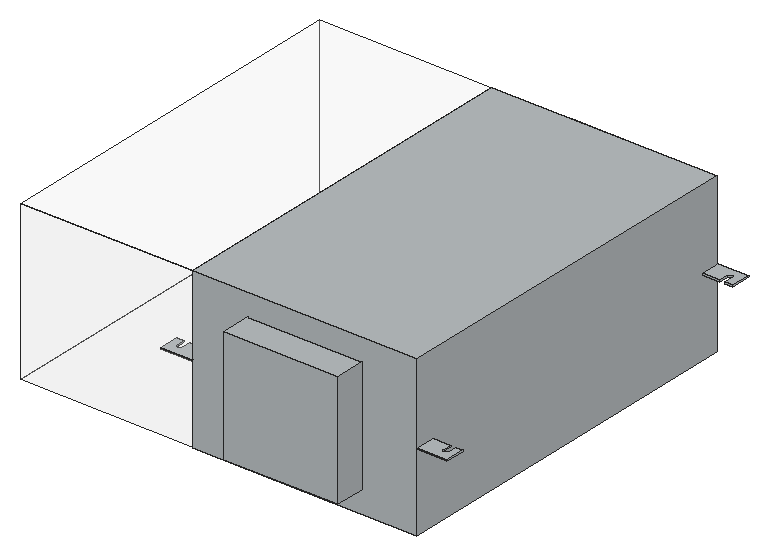
Revit family "bfs-300_1000tua2(-50)_tu2_50Hz", category 機械設備, Revit 2019
Family settings
  丸型コネクタ寸法 = 直径を使用
  パーツ タイプ = 割り込み
  OmniClass 番号 = 23.75.35.17.27
  OmniClass タイトル = Centrifugal Fans
  作業面ベース = いいえ
  常に垂直 = はい
  ロード時にボイドで切り取り = いいえ
  共有 = いいえ
  部屋計算ポイント = はい
Parameters (values of type "BFS-300TUA2-50")
  騒音レベル(dB(A))_吸込 = 49
  騒音レベル(dB(A))_吐出 = 73
  騒音レベル(dB(A))_側面 = 44
  騒音レベル(dB(A)) = 73
  風量 [instance] = 設計風量  # 0.0 m³/h
  電源種別 [instance] = "一般"
  電圧 = 200 V
  電動機出力 = 1000 W
  電動機_種別 [instance] = ""
  運転質量 = 0.00 kg
  連動 [instance] = ""
  質量 = if(製品質量 > 運転質量, 製品質量, 運転質量) * 1.2  # 52.80 kg
  負荷分類 = 3_ファン類
  説明 = "ストレートシロッコファン天吊埋込タイプ（消音形）"
  設計風量 [instance] = 0.0 m³/h
  設置方法 = "天吊"
  記号 [instance] = ""
  製造元 = "三菱電機株式会社"
  製品質量 = 44.00 kg
  製品出荷対象 = "国内"
  製品リリース年月 = "2022年6月1日"
  製品グループ = ""
  系統 [instance] = ""
  符号 [instance] = if(☑給気／□排気, "FS", "FE")  # "FE"
  積算_科目 = "2 換気設備"
  積算_拾い区分 [instance] = ""
  相 = 3
  盤記号 [instance] = ""
  盤工事区分 = "電気工事"
  発停方法 [instance] = "別売スイッチ"
  番手 = "#2"
  特殊仕様 [instance] = ""
  点検口位置 = 80 mm
  火災停止 = ""
  消費電力 = 910 W
  法定耐用年数 = "15"
  機外静圧 [instance] = 0.0 Pa
  極数 = 3
  極 = 4
  材質 [instance] = ""
  本体マテリアル = 溶融亜鉛めっき鋼板
  操作・制御方式 = ""
  操作・制御スイッチ = ""
  排気量 [instance] = if(☑給気／□排気, 0.0 m³/h, 設計風量)  # 0.0 m³/h
  形式 = ""
  形名 = BFS-TUA : BFS-300TUA
  幹線記号 [instance] = ""
  対象室 [instance] = ""
  実風量 = 0.0 m³/h
  始動方式 [instance] = "直入"
  外気量 [instance] = if(☑給気／□排気, 設計風量, 0.0 m³/h)  # 0.0 m³/h
  呼称 = "消音ボックス付送風機"
  周波数 = 50 Hz
  天吊金具ピッチ幅 = 695 mm
  天吊金具ピッチ奥行 = 924 mm
  参照している仕様書等のバージョン = ""
  分類コード = "50052502100020"
  分類グループ = ""
  価格 = 320000
  企業コード = "108420"
  付属品_防振装置 = ""
  付属品 [instance] = ""
  仕様書バージョン = "Version1.0"
  モデル = "BFS-300TUA2-50"
  ファンの種類 = "多翼形"
  ダクト高 = 300 mm
  ダクト幅 = 300 mm
  サービススペース = yes
  コメント [instance] = ""
  Keynote = ""
  ☑給気／□排気 [instance] = no
  Width = 586 mm
  Version = ""
  Uniclass2015Version = "Systems v1.9"
  Uniclass2015Title = "Centrifugal fans"
  Uniclass2015Code = "Pr_65_67_29_12"
  URL = "https://www.mitsubishielectric.co.jp/ldg/wink/ssl/displayProduct.do?pid=319093"
  SpecificationReference = ""
  SpecificationDescription = ""
  Revision = ""
  ProductInformation = ""
  OmniClassCode = "23-33 31 19 13 15"
  MIN風量 = 0.0 m³/h
  MIN静圧 = 0.0 Pa
  MID風量 = 0.0 m³/h
  MID静圧 = 0.0 Pa
  MAX風量 = 3000.0 m³/h
  MAX静圧 = 220.0 Pa
  M = 79 mm
  IfcTypeProduct = ""
  IfcProduct = ""
  IfcExportType = "CENTRIFUGALFORWARDCURVED"
  IfcExportAs = "IfcFanType"
  Height = 413 mm
  Depth = 977 mm
  Clearance Top = 0 mm  # constant formula
  Clearance Right = 0 mm  # constant formula
  Clearance Left = 450 mm  # constant formula
  Clearance Front = 0 mm  # constant formula
  Clearance Bottom = 0 mm  # constant formula
  Clearance Back = 0 mm  # constant formula
  Author = "三菱電機株式会社"
Types (5, lengths in mm): name | 騒音レベル(dB(A))_吸込 | 騒音レベル(dB(A))_吐出 | 騒音レベル(dB(A))_側面 | 騒音レベル(dB(A)) | 電動機出力 | 質量 | 製品質量 | 番手 | 点検口位置 | 消費電力 | 形名 | 天吊金具ピッチ幅 | 天吊金具ピッチ奥行 | 参照している仕様書等のバージョン | 価格 | モデル | ダクト高 | ダクト幅 | Width | URL | MAX風量 | MAX静圧 | M | Height | Depth
  BFS-300TUA2-50 | 49 | 73 | 44 | 73 | 1000 W | 52.80 kg | 44.00 kg | "#2" | 80 | 910 W | BFS-TUA : BFS-300TUA | 695 | 924 | "" | 320000 | "BFS-300TUA2-50" | 300 | 300 | 586 | "https://www.mitsubishielectric.co.jp/ldg/wink/ssl/displayProduct.do?pid=319093" | 3000.0 m³/h | 220.0 Pa | 79 | 413 | 977
  BFS-450TUA2 | 52 | 71 | 43 | 71 | 2200 W | 93.60 kg | 78.00 kg | "#1 1/2×2" | 282.5 | 1150 W | BFS-TUA : BFS-450TUA | 989 | 962 | "公共建築工事標準仕様書（機械設備工事編）平成31年度版" | 516000 | "BFS-450TUA2" | 250 | 700 | 884 | "https://www.mitsubishielectric.co.jp/ldg/wink/ssl/displayProduct.do?pid=319107" | 4500.0 m³/h | 190.0 Pa | 79 | 373 | 1010
  BFS-550TUA2-50 | 54 | 71 | 45 | 71 | 2000 W | 108.00 kg | 90.00 kg | "#2×2" | 282 | 1750 W | BFS-TUA : BFS-550TUA | 1124 | 1033 | "" | 574000 | "BFS-550TUA2-50" | 300 | 750 | 1020 | "https://www.mitsubishielectric.co.jp/ldg/wink/ssl/displayProduct.do?pid=319116" | 5500.0 m³/h | 200.0 Pa | 79 | 413 | 1078
  BFS-800TU2 | 60.5 | 69 | 44.5 | 69 | 3500 W | 144.00 kg | 120.00 kg | "#2×3" | 281 | 2700 W | BFS-TUA : BFS-800TU | 1061 | 1630 | "" | 1100000 | "BFS-800TU2" | 300 | 800 | 950 | "https://www.mitsubishielectric.co.jp/ldg/wink/ssl/displayProduct.do?pid=318894" | 8000.0 m³/h | 200.0 Pa | 80 | 433 | 1682
  BFS-1000TU2 | 61 | 69.5 | 45 | 69.5 | 4400 W | 180.00 kg | 150.00 kg | "#2×4" | 281 | 3500 W | BFS-TUA : BFS-1000TU | 1181 | 1850 | "" | 1169000 | "BFS-1000TU2" | 300 | 900 | 1070 | "https://www.mitsubishielectric.co.jp/ldg/wink/ssl/displayProduct.do?pid=318843" | 10000.0 m³/h | 205.0 Pa | 80 | 433 | 1902
Reference planes
  plane 1 "中心(正面/背面)": y = 0
  plane 2: z = 0
  plane 3 "中心(左/右)": x = 0
  plane 4 "左": x = -293
  plane 5 "右": x = 293
  plane 6 "背面": y = 488.5
  plane 7 "正面": y = -488.5
  plane 8: z = 206.5
  plane 9: y = 462
  plane 10: y = -462
  plane 11: x = 347.5
  plane 12: x = -347.5
  plane 13: z = -206.5
  plane 14: z = 206.5
  plane 15: z = -206.5
  plane 16: y = 488.5
  plane 17: y = -488.5
  plane 18: x = 293
  plane 19: x = -743
  plane 20: x = -373
Lines and regions (mm)
  Masking region 1, detail levels coarse+medium
    outline origin (-479.616, -1545.532, 0) x (1, 0, 0) y (0, 1, 0)
      loop
        line (186.616, 1057.032) -> (772.616, 1057.032) -> (772.616, 2034.032) -> (186.616, 2034.032) -> (186.616, 1057.032)
  symbolic lines, detail levels coarse+medium
    curve 1: line (-293, 488.5, 0) -> (293, 0, 0)
    curve 2: line (293, 0, 0) -> (-293, -488.5, 0)
Dimensions and locks
  "Width": plane 4 "左" to plane 5 "右"
  equal spacing: plane 7 "正面", plane 1 "中心(正面/背面)", plane 6 "背面"
  "Depth": plane 7 "正面" to plane 6 "背面"
  equal spacing: plane 8, level, plane 13
  "Height": plane 8 to plane 13
  "天吊金具ピッチ幅": plane 12 to plane 11
  equal spacing: plane 10, plane 1 "中心(正面/背面)", plane 9
  "天吊金具ピッチ奥行": plane 10 to plane 9
  "Clearance Top": plane 14 to plane 8
  "Clearance Bottom": plane 13 to plane 15
  "Clearance Right": plane 5 "右" to plane 18
  "Clearance Left": plane 19 to plane 4 "左"
  "Clearance Back": plane 6 "背面" to plane 16
  "Clearance Front": plane 17 to plane 7 "正面"
  equal spacing: plane 12, plane 3 "中心(左/右)", plane 11
  equal spacing: plane 4 "左", plane 3 "中心(左/右)", plane 5 "右"
  "点検口位置": plane 20 to plane 4 "左"
  aligned and locked: level to plane 2
  aligned and locked: nested 2 to plane 9
  aligned and locked: plane 10 to nested 2
  aligned and locked: plane 12 to nested 2
  aligned and locked: plane 11 to nested 2
  aligned and locked: plane 8 to nested 1
  aligned and locked: nested 1 to plane 13
  aligned and locked: plane 19 to nested 3
  aligned and locked: plane 17 to nested 3
  aligned and locked: plane 14 to nested 3
  aligned and locked: plane 15 to nested 3
  aligned and locked: plane 16 to nested 3
  aligned and locked: plane 4 "左" to nested 3
  aligned and locked: plane 1 "中心(正面/背面)" to nested 1
  aligned and locked: nested 1 to plane 3 "中心(左/右)"
  aligned and locked: plane 5 "右" to Masking region 1
  aligned and locked: Masking region 1 to plane 4 "左"
  aligned and locked: Masking region 1 to plane 6 "背面"
  aligned and locked: plane 7 "正面" to Masking region 1
Automatic sketch dimensions
  plane 20 to Masking region 1 sketch curve = 80 mm
  plane 3 "中心(左/右)" to Masking region 1 sketch curve = 293 mm
  plane 7 "正面" to Masking region 1 sketch curve = 0 mm
  Masking region 1 sketch curve to plane 7 "正面" = 977 mm
  curve 2 to plane 4 "左" = 0 mm
  curve 1 to plane 4 "左" = 0 mm
  plane 1 "中心(正面/背面)" to curve 2 = 0 mm
  curve 1 to plane 5 "右" = 0 mm
  plane 7 "正面" to curve 2 = 0 mm
  plane 6 "背面" to curve 1 = 0 mm
Nested families
  nested 1: "BFS-TUA" at (0, 0, -206.5) x (0, -1, 0) z (0, 0, 1), type <- "形名", type "BFS-300TUA"
  nested 2: "固定点" at (-347.5, -462, 0), type "固定点"
    with 中心円 13.5 mm, W 695 mm, D 924 mm
  nested 3: "サービススペース" at (-518, 0, 0), visible <- "サービススペース", type "サービススペース"
    with Width 450 mm, Height 413 mm, Depth 977 mm
Connectors
  hvac at (0, -567.5, 0), driven by "ダクト高", driven by "ダクト幅", driven by "機外静圧", driven by "風量"
    settings: on nested 1, index 2, duct flow 0.0 m³/h, flow factor 0, pres drop 0.0 Pa, loss coef 0, conn angle 0.00°, conn width 300 mm, conn height 300 mm, conn diameter 609.6 mm, duct sys type 29, conn prof type 1, flow config 0, flow direction 2, loss method 4, conn ref index -1, conn util no, is conn primary yes, conn desc "Out"
  hvac at (0, 567.5, 0), driven by "ダクト高", driven by "ダクト幅", driven by "機外静圧", driven by "風量"
    settings: on nested 1, index 3, duct flow 0.0 m³/h, flow factor 0, pres drop 0.0 Pa, loss coef 0, conn angle 0.00°, conn width 300 mm, conn height 300 mm, conn diameter 609.6 mm, duct sys type 29, conn prof type 1, flow config 0, flow direction 1, loss method 4, conn ref index -1, conn util no, is conn primary no, conn desc "In"
  electrical at (-322.5, -360.5, -64), driven by "極数", driven by "負荷分類", driven by "電圧", driven by "消費電力"
    settings: on nested 1, index 4, voltage 200 V, apparent load 910 VA, apparent load phase1 0 VA, apparent load phase2 0 VA, apparent load phase3 0 VA, power factor 1, load classification "3_ファン類", number of poles 3, system type 30, power factor state 1, is connector primary yes, connector utility no, sub classification motor no, connector description ""
Definition of nested family "BFS-TUA"
  Parameters (values of type "BFS-300TUA1-50")
    端子カバー高 = 99 mm
    端子カバー手前位置 = 62.5 mm
    端子カバー幅 = 29.5 mm
    端子カバー奥行 = 131 mm
    端子カバー上位置 = 221 mm
    吊りボルト-φ = 13.5 mm
    吊りボルト-W2 = 52 mm
    吊りボルト-W1 = 924 mm
    吊りボルト-D2 = 746 mm
    吊りボルト-D1 = 695 mm
    吊りボルト-2 = no
    吊りボルト-1 = yes
    マテリアル = none
    ダクト-D = 298 mm
    ダクト-W = 298 mm
    b = 430 mm
    a = 79 mm
    W = 977 mm
    H = 413 mm
    D = 586 mm
  Types (7, lengths in mm): name | 端子カバー高 | 端子カバー手前位置 | 端子カバー幅 | 端子カバー奥行 | 端子カバー上位置 | 吊りボルト-φ | 吊りボルト-W2 | 吊りボルト-W1 | 吊りボルト-D2 | 吊りボルト-D1 | 吊りボルト-2 | 吊りボルト-1 | ダクト-D | ダクト-W | b | a | W | H | D
    BFS-300TUA1-50 | 99 | 62.5 | 29.5 | 131 | 221 | 13.5 | 52 | 924 | 746 | 695 | no | yes | 298 | 298 | 430 | 79 | 977 | 413 | 586
    BFS-300TUA1-60 | 99 | 62.5 | 29.5 | 131 | 221 | 13.5 | 52 | 924 | 746 | 695 | no | yes | 298 | 298 | 430 | 79 | 977 | 413 | 586
    BFS-450TUA | 99 | 36.5 | 29.5 | 131 | 200.7 | 14 | 50 | 962 | 1049 | 989 | yes | no | 248 | 698 | 561 | 79 | 1010 | 373 | 884
    BFS-550TUA1-50 | 99 | 36.5 | 29.5 | 131 | 224.5 | 14 | 50 | 1033 | 1184 | 1124 | yes | no | 298 | 748 | 608 | 79 | 1078 | 413 | 1020
    BFS-550TUA1-60 | 99 | 36.5 | 29.5 | 131 | 224.5 | 14 | 50 | 1033 | 1184 | 1124 | yes | no | 298 | 748 | 608 | 79 | 1078 | 413 | 1020
    BFS-800TU | 150 | 298 | 36 | 360 | 63 | 13.5 | 52 | 1630 | 1112 | 1061 | no | yes | 298 | 798 | 608 | 80 | 1682 | 433 | 950
    BFS-1000TU | 150 | 622 | 36 | 360 | 63 | 13.5 | 52 | 1850 | 1232 | 1181 | no | yes | 298 | 898 | 608 | 80 | 1902 | 433 | 1070
  Reference planes
    plane 1 "中心(正面/背面)": y = 0
    plane 2: z = 0
    plane 3 "中心(左/右)": x = 0
    plane 4: y = 293
    plane 5: y = 347.5
    plane 6: y = 373
    plane 7: y = -293
    plane 8: y = -347.5
    plane 9: y = -373
    plane 10: x = -488.5
    plane 11: x = -462
    plane 12: x = -491.5
    plane 13: x = 488.5
    plane 14: x = 462
    plane 15: x = 491.5
    plane 16: z = 413
    plane 17: x = -4
    plane 18: x = 426
    plane 19: x = 567.5
    plane 20: x = -567.5
    plane 21: z = 206.5
    plane 22: z = 203.5
    plane 23: z = 165.5
    plane 24: x = -439.5
    plane 25: z = 188.5
    plane 26: x = 439.5
    plane 27: y = 296
    plane 28: x = 557.5
    plane 29: x = 498.5
    plane 30: x = -498.5
    plane 31: x = -557.5
    plane 32: x = 295
    plane 33: z = 192
    plane 34: z = 93
    plane 35: y = -322.5
    plane 36: y = 149
    plane 37: y = -149
    plane 38: z = 57.5
    plane 39: z = 355.5
    plane 40: z = -20
  Forms (mm)
    Extrusion 1, solid, material <- "マテリアル", detail levels fine
      sketch origin (0, 0, 0) x (1, 0, 0) y (0, 1, 0)
        loop
          line (-488.5, 293) -> (-488.5, -293) -> (488.5, -293) -> (488.5, 293) -> (-488.5, 293)
      from 0 to 413
    Extrusion 2, solid, material <- "マテリアル", visible <- "吊りボルト-1", detail levels fine
      sketch origin (0, 0, 0) x (1, 0, 0) y (0, 1, 0)
        loop
          line (-491.5, -293) -> (-491.5, -373) -> (-439.5, -373) -> (-439.5, -354.25) -> (-462, -354.25)
          arc (-462, -354.25) -> (-468.75, -347.5) -> (-462, -340.75) r 6.75
          line (-462, -340.75) -> (-439.5, -340.75) -> (-439.5, -293) -> (-491.5, -293)
      from 203.5 to 206.5
    Extrusion 3, solid, material <- "マテリアル", visible <- "吊りボルト-1", detail levels fine
      sketch origin (0, 0, 0) x (1, 0, 0) y (0, 1, 0)
        loop
          line (-491.5, 293) -> (-439.5, 293) -> (-439.5, 340.75) -> (-462, 340.75)
          arc (-462, 340.75) -> (-468.75, 347.5) -> (-462, 354.25) r 6.75
          line (-462, 354.25) -> (-439.5, 354.25) -> (-439.5, 373) -> (-491.5, 373) -> (-491.5, 293)
      from 203.5 to 206.5
    Extrusion 4, solid, material <- "マテリアル", visible <- "吊りボルト-1", detail levels fine
      sketch origin (0, 0, 0) x (-1, 0, 0) y (0, -1, 0)
        loop
          line (-491.5, -293) -> (-491.5, -373) -> (-439.5, -373) -> (-439.5, -354.25) -> (-462, -354.25)
          arc (-462, -354.25) -> (-468.75, -347.5) -> (-462, -340.75) r 6.75
          line (-462, -340.75) -> (-439.5, -340.75) -> (-439.5, -293) -> (-491.5, -293)
      from 203.5 to 206.5
    Extrusion 5, solid, material <- "マテリアル", visible <- "吊りボルト-1", detail levels fine
      sketch origin (0, 0, 0) x (-1, 0, 0) y (0, -1, 0)
        loop
          line (-491.5, 293) -> (-439.5, 293) -> (-439.5, 340.75) -> (-462, 340.75)
          arc (-462, 340.75) -> (-468.75, 347.5) -> (-462, 354.25) r 6.75
          line (-462, 354.25) -> (-439.5, 354.25) -> (-439.5, 373) -> (-491.5, 373) -> (-491.5, 293)
      from 203.5 to 206.5
    Extrusion 6, solid, material <- "マテリアル", detail levels fine
      sketch origin (0, 0, 0) x (1, 0, 0) y (0, 0, 1)
        loop
          line (426, 192) -> (295, 192) -> (295, 93) -> (426, 93) -> (426, 192)
      from 293 to 322.5
    Extrusion 7, solid, material <- "マテリアル", detail levels fine
      sketch origin (0, 0, 0) x (1, 0, 0) y (0, 1, 0)
        loop
          line (-567.5, 149) -> (-567.5, -149) -> (-488.5, -149) -> (-488.5, 149) -> (-567.5, 149)
        loop
          line (567.5, 149) -> (488.5, 149) -> (488.5, -149) -> (567.5, -149) -> (567.5, 149)
      from 57.5 to 355.5
    Extrusion 8, solid, material <- "マテリアル", visible <- "吊りボルト-2", detail levels fine
      sketch origin (0, 0, 0) x (1, 0, 0) y (0, 1, 0)
        loop
          line (-439.5, 373) -> (-491.5, 373) -> (-491.5, 354.25) -> (-462, 354.25)
          arc (-462, 354.25) -> (-455.25, 347.5) -> (-462, 340.75) r 6.75
          line (-462, 340.75) -> (-491.5, 340.75) -> (-491.5, -340.75) -> (-462, -340.75)
          arc (-462, -340.75) -> (-455.25, -347.5) -> (-462, -354.25) r 6.75
          line (-462, -354.25) -> (-491.5, -354.25) -> (-491.5, -373) -> (-439.5, -373) -> (-439.5, 373)
        loop
          line (439.5, 373) -> (439.5, -373) -> (491.5, -373) -> (491.5, -354.25) -> (462, -354.25)
          arc (462, -354.25) -> (455.25, -347.5) -> (462, -340.75) r 6.75
          line (462, -340.75) -> (491.5, -340.75) -> (491.5, 340.75) -> (462, 340.75)
          arc (462, 340.75) -> (455.25, 347.5) -> (462, 354.25) r 6.75
          line (462, 354.25) -> (491.5, 354.25) -> (491.5, 373) -> (439.5, 373)
      from -20 to 0
  Dimensions and locks
    plane 12 to plane 15 = 983 mm
    "吊りボルト-W1": plane 11 to plane 14
    "W": plane 10 to plane 13
    "吊りボルト-D2": plane 9 to plane 6
    "吊りボルト-D1": plane 8 to plane 5
    "D": plane 7 to plane 4
    equal spacing: plane 7, plane 1 "中心(正面/背面)", plane 4
    equal spacing: plane 10, plane 3 "中心(左/右)", plane 13
    "H": plane 16 to level
    locked: plane 13 to plane 15 at 3
    locked: plane 12 to plane 10 at 3
    equal spacing: plane 16, plane 21, level
    locked: plane 21 to plane 22 at 3
    locked: plane 21 to plane 23 at 41
    "吊りボルト-W2": plane 12 to plane 24
    locked: plane 22 to plane 25 at 15
    "吊りボルト-W2": plane 26 to plane 15
    locked: plane 27 to plane 4 at 3
    "a": plane 20 to plane 10
    "a": plane 13 to plane 19
    locked: plane 20 to plane 31 at 10
    locked: plane 30 to plane 10 at 10
    locked: plane 13 to plane 29 at 10
    locked: plane 28 to plane 19 at 10
    "端子カバー手前位置": plane 13 to plane 18
    "b": plane 18 to plane 17
    "端子カバー奥行": plane 18 to plane 32
    "端子カバー高": plane 33 to plane 34
    "端子カバー幅": plane 35 to plane 7
    equal spacing: plane 11, plane 3 "中心(左/右)", plane 14
    equal spacing: plane 8, plane 1 "中心(正面/背面)", plane 5
    equal spacing: plane 9, plane 1 "中心(正面/背面)", plane 6
    equal spacing: plane 37, plane 1 "中心(正面/背面)", plane 36
    "ダクト-W": plane 37 to plane 36
    "ダクト-D": plane 39 to plane 38
    equal spacing: plane 39, plane 21, plane 38
    locked: level to plane 40 at 20
    "端子カバー上位置": plane 16 to plane 33
    "吊りボルト-φ": diameter of Extrusion 3 sketch curve
    "吊りボルト-φ": diameter of Extrusion 4 sketch curve
    "吊りボルト-φ": diameter of Extrusion 2 sketch curve
    "吊りボルト-φ": diameter of Extrusion 5 sketch curve
    "吊りボルト-φ": diameter of Extrusion 8 sketch curve  (x4)
    aligned and locked: level to plane 2
    aligned and locked: plane 4 to Extrusion 1 sketch curve
    aligned and locked: plane 10 to Extrusion 1 sketch curve
    aligned and locked: Extrusion 1 sketch curve to plane 7
    aligned and locked: Extrusion 1 sketch curve to plane 13
    aligned and locked: plane 16 to Extrusion 1
    aligned and locked: plane 7 to Extrusion 2 sketch curve
    aligned and locked: plane 12 to Extrusion 2 sketch curve
    aligned and locked: Extrusion 2 sketch curve to plane 9
    aligned and locked: Extrusion 2 sketch curve to plane 24  (x2)
    aligned and locked: plane 11 to Extrusion 2 sketch curve
    aligned and locked: plane 8 to Extrusion 2 sketch curve
    aligned and locked: plane 21 to Extrusion 2
    aligned and locked: Extrusion 2 to plane 22
    aligned and locked: plane 24 to Extrusion 3 sketch curve  (x2)
    aligned and locked: plane 5 to Extrusion 3 sketch curve
    aligned and locked: plane 11 to Extrusion 3 sketch curve
    aligned and locked: Extrusion 3 sketch curve to plane 6
    aligned and locked: Extrusion 3 sketch curve to plane 12
    aligned and locked: plane 4 to Extrusion 3 sketch curve
    aligned and locked: plane 21 to Extrusion 3
    aligned and locked: Extrusion 3 to plane 22
    aligned and locked: Extrusion 4 to plane 6
    aligned and locked: plane 15 to Extrusion 4
    aligned and locked: Extrusion 4 to plane 26
    aligned and locked: plane 26 to Extrusion 4 sketch curve  (x2)
    aligned and locked: plane 6 to Extrusion 4 sketch curve
    aligned and locked: Extrusion 4 sketch curve to plane 15
    aligned and locked: plane 5 to Extrusion 4 sketch curve
    aligned and locked: plane 14 to Extrusion 4 sketch curve
    aligned and locked: Extrusion 4 sketch curve to plane 4
    aligned and locked: Extrusion 4 to plane 22
    aligned and locked: plane 21 to Extrusion 4
    aligned and locked: plane 9 to Extrusion 5 sketch curve
    aligned and locked: plane 15 to Extrusion 5 sketch curve
    aligned and locked: Extrusion 5 sketch curve to plane 7
    aligned and locked: Extrusion 5 sketch curve to plane 26  (x2)
    aligned and locked: plane 14 to Extrusion 5 sketch curve
    aligned and locked: plane 8 to Extrusion 5 sketch curve
    aligned and locked: Extrusion 5 to plane 22
    aligned and locked: plane 21 to Extrusion 5
    aligned and locked: plane 33 to Extrusion 6 sketch curve
    aligned and locked: plane 18 to Extrusion 6 sketch curve
    aligned and locked: Extrusion 6 sketch curve to plane 34
    aligned and locked: Extrusion 6 sketch curve to plane 32
    aligned and locked: Extrusion 6 to plane 7
    aligned and locked: plane 36 to Extrusion 7 sketch curve
    aligned and locked: plane 20 to Extrusion 7 sketch curve
    aligned and locked: Extrusion 7 sketch curve to plane 37
    aligned and locked: Extrusion 7 sketch curve to plane 10
    aligned and locked: Extrusion 7 sketch curve to plane 36
    aligned and locked: plane 19 to Extrusion 7 sketch curve
    aligned and locked: plane 37 to Extrusion 7 sketch curve
    aligned and locked: Extrusion 7 sketch curve to plane 13
    aligned and locked: plane 39 to Extrusion 7
    aligned and locked: Extrusion 7 to plane 38
    aligned and locked: Extrusion 8 sketch curve to plane 24
    aligned and locked: Extrusion 8 sketch curve to plane 12  (x3)
    aligned and locked: Extrusion 8 sketch curve to plane 6
    aligned and locked: Extrusion 8 sketch curve to plane 9
    aligned and locked: plane 11 to Extrusion 8 sketch curve  (x2)
    aligned and locked: Extrusion 8 sketch curve to Extrusion 3
    aligned and locked: Extrusion 8 sketch curve to Extrusion 2
    aligned and locked: plane 6 to Extrusion 8 sketch curve
    aligned and locked: Extrusion 8 sketch curve to plane 15  (x3)
    aligned and locked: Extrusion 8 sketch curve to plane 26
    aligned and locked: plane 5 to Extrusion 8 sketch curve
    aligned and locked: plane 14 to Extrusion 8 sketch curve  (x2)
    aligned and locked: plane 9 to Extrusion 8 sketch curve
    aligned and locked: plane 8 to Extrusion 8 sketch curve
    aligned and locked: Extrusion 8 to plane 40
    aligned and locked: level to Extrusion 8
    aligned and locked: plane 35 to Extrusion 6
  Automatic sketch dimensions
    Extrusion 2 sketch curve to plane 11 = 0 mm
    Extrusion 3 sketch curve to plane 11 = 0 mm
    Extrusion 4 sketch curve to plane 14 = 0 mm
    Extrusion 5 sketch curve to plane 14 = 0 mm
    Extrusion 8 sketch curve to plane 11 = 0 mm
Definition of nested family "サービススペース"
  Parameters (values of type "サービススペース")
    Width [instance] = 500 mm
    Height [instance] = 500 mm
    Depth [instance] = 500 mm
  Reference planes
    plane 1 "中心(正面/背面)": y = 0
    plane 2: z = 0
    plane 3 "中心(左/右)": x = 0
    plane 4: y = -250
    plane 5: x = 250
    plane 6: y = 250
    plane 7: x = -250
    plane 8: z = 250
    plane 9: z = -250
  Forms (mm)
    Extrusion 1, solid
      sketch origin (-638.939, 0, 72.39) x (1, 0, 0) y (0, 1, 0)
        loop
          line (388.939, 250) -> (388.939, -250) -> (888.939, -250) -> (888.939, 250) -> (388.939, 250)
      from -322.39 to 177.61
  Lines and regions (mm)
    symbolic lines
      curve 1: line (-250, 0, 250) -> (250, 0, 250)
      curve 2: line (-250, 0, -250) -> (-250, 0, 250)
      curve 3: line (250, 0, -250) -> (-250, 0, -250)
      curve 4: line (250, 0, 250) -> (250, 0, -250)
      curve 5: line (0, -250, 250) -> (0, 250, 250)
      curve 6: line (0, -250, -250) -> (0, -250, 250)
      curve 7: line (0, 250, -250) -> (0, -250, -250)
      curve 8: line (0, 250, 250) -> (0, 250, -250)
      curve 9: line (-250, 250, 0) -> (250, 250, 0)
      curve 10: line (-250, -250, 0) -> (-250, 250, 0)
      curve 11: line (250, -250, 0) -> (-250, -250, 0)
      curve 12: line (250, 250, 0) -> (250, -250, 0)
  Dimensions and locks
    equal spacing: plane 7, plane 3 "中心(左/右)", plane 5
    equal spacing: plane 4, plane 1 "中心(正面/背面)", plane 6
    "Depth": plane 4 to plane 6
    "Width": plane 7 to plane 5
    equal spacing: plane 8, plane 2, plane 9
    "Height": plane 8 to plane 9
    aligned and locked: plane 9 to curve 3
    aligned and locked: plane 7 to curve 2
    aligned and locked: curve 4 to plane 5
    aligned and locked: plane 5 to Extrusion 1
    aligned and locked: Extrusion 1 to plane 7
    aligned and locked: Extrusion 1 to plane 9
    aligned and locked: plane 8 to Extrusion 1
    aligned and locked: plane 9 to curve 7
  Automatic sketch dimensions
    plane 4 to Extrusion 1 sketch curve = 0 mm
    Extrusion 1 sketch curve to plane 7 = 0 mm
    Extrusion 1 sketch curve to plane 5 = 0 mm
    plane 6 to Extrusion 1 sketch curve = 0 mm
    curve 2 to plane 8 = 0 mm
    plane 4 to curve 11 = 0 mm
    curve 11 to plane 7 = 0 mm
    curve 11 to plane 5 = 0 mm
    plane 6 to curve 10 = 0 mm
    curve 7 to plane 4 = 0 mm
    curve 7 to plane 6 = 0 mm
    curve 6 to plane 8 = 0 mm
Definition of nested family "固定点"
  Parameters (values of type "固定点")
    中心円 [instance] = if(and(960 mm < W, W < 1034 mm), 14 mm, 13.5 mm)  # 14 mm
    W [instance] = 1000 mm
    D [instance] = 1000 mm
  Reference planes
    plane 1 "中心(正面/背面)": y = 0
    plane 2: z = 0
    plane 3 "中心(左/右)": x = 0
    plane 4: x = 1000
    plane 5: y = 1000
  Lines and regions (mm)
    symbolic lines, detail levels fine
      curve 1: circle (0, 1000, 0) r 7 normal (0, 0, 1)
      curve 2: circle (0, 0, 0) r 7 normal (0, 0, 1)
      curve 3: circle (1000, 1000, 0) r 7 normal (0, 0, 1)
      curve 4: circle (1000, 0, 0) r 7 normal (0, 0, 1)
      curve 5: line (-200, 1000, 0) -> (1200, 1000, 0)
      curve 6: line (-200, 0, 0) -> (1200, 0, 0)
      curve 7: line (0, 1200, 0) -> (0, -200, 0)
      curve 8: line (1000, 1200, 0) -> (1000, -200, 0)
  Dimensions and locks
    "W": plane 3 "中心(左/右)" to plane 4
    "D": plane 1 "中心(正面/背面)" to plane 5
    "中心円": diameter of curve 1
    "中心円": diameter of curve 2
    "中心円": diameter of curve 3
    "中心円": diameter of curve 4
    aligned and locked: level to plane 2
    aligned and locked: plane 5 to curve 1
    aligned and locked: plane 3 "中心(左/右)" to curve 1
    aligned and locked: plane 3 "中心(左/右)" to curve 2
    aligned and locked: plane 1 "中心(正面/背面)" to curve 2
    aligned and locked: plane 4 to curve 3
    aligned and locked: plane 5 to curve 3
    aligned and locked: plane 1 "中心(正面/背面)" to curve 4
    aligned and locked: plane 4 to curve 4
    aligned and locked: plane 1 "中心(正面/背面)" to curve 6
    aligned and locked: curve 7 to plane 3 "中心(左/右)"
    aligned and locked: curve 8 to plane 4
  Automatic sketch dimensions
    curve 5 to plane 5 = 0 mm
    curve 6 to plane 3 "中心(左/右)" = 200 mm
    curve 5 to plane 3 "中心(左/右)" = 200 mm
    curve 4 to curve 6 = 200 mm
    curve 3 to curve 5 = 200 mm
    plane 1 "中心(正面/背面)" to curve 8 = 200 mm
    plane 1 "中心(正面/背面)" to curve 7 = 200 mm
    curve 3 to curve 8 = 200 mm
    curve 1 to curve 7 = 200 mm
